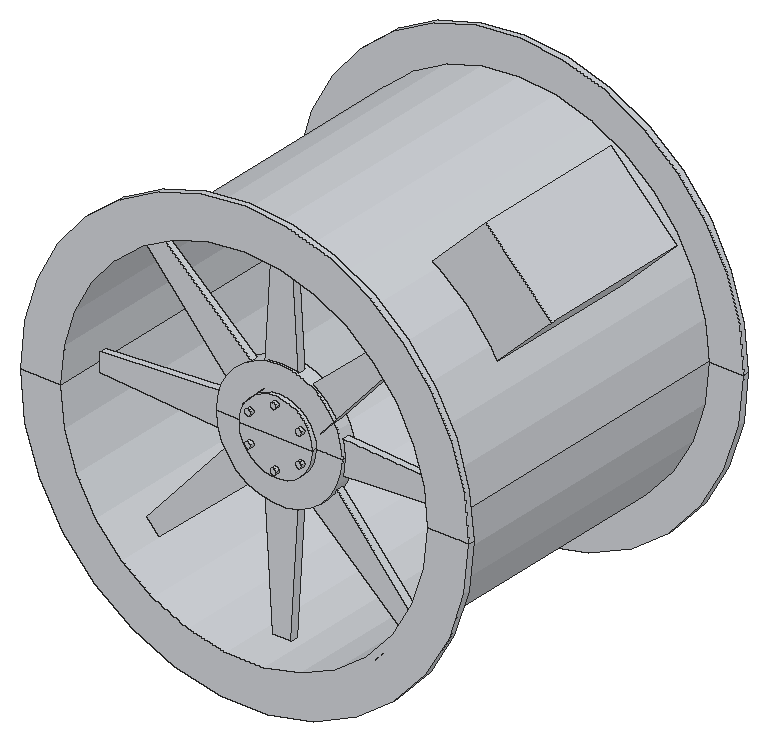
Revit family "CADS_Vent-Axia_MechEquip_Fan_LCA_315_1Ph2P - SUPPLY", category Mechanical Equipment, Revit 2020
Family settings
  Round Connector Dimension = Use Diameter
  Part Type = Normal
  OmniClass Number = 23.75.00.00
  OmniClass Title = Climate Control (HVAC)
  Work Plane-Based = No
  Always vertical = Yes
  Cut with Voids When Loaded = No
  Shared = No
  Room Calculation Point = No
Parameters (values of type "LCA311210")
  nr = NominalDiameter / 2  # 157.5 mm
  WorkingPressure = 0.0 Pa
  WarrantyStartDate [instance] = "1900-12-31T23:59:59"
  WarrantyPeriod = ""
  WarrantyIdentifier = "N/A"
  WarrantyGuarantorParts = "tech@vent-axia.com"
  WarrantyGuarantorLabor = "tech@vent-axia.com"
  WarrantyGuarantor = "Vent-Axia Limited"
  WarrantyEndDate [instance] = "1900-12-31T23:59:59"
  WarrantyContent = ""
  TemperatureRange = ""
  TagNumber [instance] = "N/A"
  SustainabilityPerformance = ""
  Status = "New"
  Size = ""
  Shape = ""
  ServiceLifeType = ""
  ServiceLifeDuration = ""
  SerialNumber [instance] = "N/A"
  ReplacementCost = ""
  RatedVoltage = 0 V
  RatedCurrent = 0 A
  Quantity = 1
  ProductionYear = ""
  PressureCurve = ""
  PowerFactor = ""
  PointOfContact = ""
  NumberOfPoles = 0
  NominalWidth = 315 mm
  NominalLength = 300 mm
  NominalHeight = 315 mm
  NominalFrequencyRange = ""
  NominalDiameter = 315 mm
  ModelReference = "LCAX 315mm 1PH 2P 10DEG"
  ModelNumber = "LCA311210"
  Material = ""
  ManufacturerE-Mail = "tech@vent-axia.com"
  ManufacturerAddress = "Fleming Way\nCrawley \nRH10 9YX"
  IsExtendedWarranty = no
  InsulationStandardClass = ""
  InstallationDate [instance] = "1900-12-31T23:59:59"
  IfcExportType [instance] = ""
  IfcExportAs = "IfcFanType"
  IP_Code = ""
  HasProtectiveEarth = no
  GrossWeight = 0.00 kg
  Grade = ""
  GlobalTradeItemNumber [instance] = "N/A"
  Fitting Type = "Ignore"
  Finish = ""
  Features = ""
  ExteriorInsulation = no
  ExpectedServiceLife = 0
  Exclusions = ""
  DurationUnit = "Year"
  Default Elevation = 0 mm
  Constituents = ""
  ConductorFunction = ""
  Color = ""
  CodePerformance = ""
  Category = ""
  CADS_Usage = 0
  CADS_Index = 0
  AssetType = "FIXED"
  AssetIdentifier [instance] = "N/A"
  AssemblyPlace = "UNKNOWN"
  ArticleNumber [instance] = "N/A"
  AirflowRateRange = 0.0 L/s
  Air Flow [instance] = 0.0 L/s
  AccessibilityPerformance = ""
Types (16, lengths in mm): name | ModelReference | ModelNumber
  LCA311210 | "LCAX 315mm 1PH 2P 10DEG" | "LCA311210"
  LCA311212 | "LCAX 315mm 1PH 2P 12DEG" | "LCA311212"
  LCA311214 | "LCAX 315mm 1PH 2P 14DEG" | "LCA311214"
  LCA311216 | "LCAX 315mm 1PH 2P 16DEG" | "LCA311216"
  LCA311218 | "LCAX 315mm 1PH 2P 18DEG" | "LCA311218"
  LCA311220 | "LCAX 315mm 1PH 2P 20DEG" | "LCA311220"
  LCA311222 | "LCAX 315mm 1PH 2P 22DEG" | "LCA311222"
  LCA311224 | "LCAX 315mm 1PH 2P 24DEG" | "LCA311224"
  LCA311226 | "LCAX 315mm 1PH 2P 26DEG" | "LCA311226"
  LCA311228 | "LCAX 315mm 1PH 2P 28DEG" | "LCA311228"
  LCA311230 | "LCAX 315mm 1PH 2P 30DEG" | "LCA311230"
  LCA311232 | "LCAX 315mm 1PH 2P 32DEG" | "LCA311232"
  LCA311234 | "LCAX 315mm 1PH 2P 34DEG" | "LCA311234"
  LCA311236 | "LCAX 315mm 1PH 2P 36DEG" | "LCA311236"
  LCA311238 | "LCAX 315mm 1PH 2P 38DEG" | "LCA311238"
  LCA311240 | "LCAX 315mm 1PH 2P 40DEG" | "LCA311240"
Reference planes
  plane 1 "Center (Front/Back)": y = 0
  plane 2: z = 0
  plane 3 "Center (Left/Right)": x = 0
  plane 4: x = -157.5
  plane 5: x = 157.5
  plane 6 "F": y = -150
  plane 7 "B": y = 150
  plane 8: x = -192.5
  plane 9: y = 145
  plane 10: y = -145
  plane 11: x = -162.5
  plane 12: y = -110
  plane 13 "top": z = 157.5
  plane 14: z = -157.5
  plane 15 "45deg": through (0, -1524, 0) normal (-0.7071, 0, -0.7071)
  plane 16 "C": through (0, -1524, 0) normal (-0.7071, 0, 0.7071)
Forms (mm)
  Revolve 1, solid
    sketch origin (0, 0, 0) x (1, 0, 0) y (0, 1, 0)
      loop
        line (-192.5, -150) -> (-157.5, -150) -> (-157.5, 150) -> (-192.5, 150) -> (-192.5, 145) -> (-162.5, 145) -> (-162.5, -145) -> (-192.5, -145) -> (-192.5, -150)
      axis (0, 150) -> (0, -150)
    angle from 0 to 360
  Sweep 2, solid
    path origin (0, 0, 0) x (1, 0, 0) y (0, 0, 1)
      loop
        line (111.369, 111.369) -> (157.331, 157.331)
    profile origin (134.35, 0, 134.35) x (-0.707107, 0, 0.707107) y (0, -1, 0)
      loop
        line (37.5, 55) -> (-42.73, 55) -> (-42.73, -79.5) -> (37.5, -79.5) -> (37.5, 55)
Dimensions and locks
  equal spacing: plane 4, plane 3 "Center (Left/Right)", plane 5
  equal spacing: plane 7 "B", plane 1 "Center (Front/Back)", plane 6 "F"
  "NominalLength": plane 7 "B" to plane 6 "F"
  "NominalDiameter": plane 4 to plane 5
  locked: plane 11 to plane 4 at 5
  locked: plane 8 to plane 11 at 30
  locked: plane 6 "F" to plane 10 at 5
  locked: plane 7 "B" to plane 9 at 5
  locked: plane 6 "F" to plane 12 at 40
  equal spacing: plane 13 "top", level, plane 14
  "NominalDiameter": plane 13 "top" to plane 14
  "nr": Sweep 2 sketch curve to nested 13
  Sweep 2 sketch curve to Sweep 2 sketch curve = 65 mm
  aligned and locked: level to plane 2
  aligned and locked: nested 1 to plane 12
Automatic sketch dimensions
  plane 6 "F" to Revolve 1 sketch curve = 0 mm
  Revolve 1 sketch curve to plane 8 = 0 mm  (x2)
  plane 10 to Revolve 1 sketch curve = 0 mm
  Revolve 1 sketch curve to plane 11 = 0 mm
  Revolve 1 sketch curve to plane 4 = 0 mm
  Revolve 1 sketch curve to plane 3 "Center (Left/Right)" = 0 mm
  plane 1 "Center (Front/Back)" to Revolve 1 sketch curve = 0 mm
  Revolve 1 sketch curve to plane 9 = 0 mm
  Revolve 1 sketch curve to plane 7 "B" = 0 mm
  plane 6 "F" to Revolve 1 sketch curve = 115 mm
  plane 1 "Center (Front/Back)" to Sweep 2 sketch curve = 55 mm
  Sweep 2 sketch curve to profile plane = 37.5 mm
  Sweep 2 sketch curve to Sweep 2 sketch curve = 80.23 mm
  Sweep 2 sketch curve to Sweep 2 sketch curve = 134.5 mm
  Sweep 2 sketch curve to plane 16 "C" = 0 mm  (x2)
Nested families
  nested 1: "Fan for ESC" at (0, -110, 0), ND <- "NominalDiameter", type "Fan for ESC"
    with hub 31.5 mm, ND 315 mm, BoltPCD 25.2 mm, Bolt Count 6, B_Diam 5 mm
  nested 2: "Bolts" at (21.824, -119.172, -12.6) x (-0.5, 0, -0.866) z (0, 1, 0), type "Bolts"
    with bd 5 mm
  nested 3: "Bolts" at (0, -119.172, -25.2) x (-1, 0, 0) z (0, 1, 0), type "Bolts"
    with bd 5 mm
  nested 4: "Bolts" at (-21.824, -119.172, -12.6) x (-0.5, 0, 0.866) z (0, 1, 0), type "Bolts"
    with bd 5 mm
  nested 5: "Bolts" at (-21.824, -119.172, 12.6) x (0.5, 0, 0.866) z (0, 1, 0), type "Bolts"
    with bd 5 mm
  nested 6: "Bolts" at (21.824, -119.172, 12.6) x (0.5, 0, -0.866) z (0, 1, 0), type "Bolts"
    with bd 5 mm
  nested 7: "Bolts" at (0, -119.172, 25.2) x (1, 0, 0) z (0, 1, 0), type "Bolts"
    with bd 5 mm
  nested 8: "ESC Blade" at (0, -110, 0), type "ESC Blade"
    with a 20.00°, HR 31.5 mm, HD 63 mm, BT 15.75 mm, BR 126 mm, BH 40 mm, BD 315 mm, BB 31.5 mm
  nested 9: "ESC Blade" at (0, -110, 0) x (0.7071, 0, -0.7071) z (0.7071, 0, 0.7071), type "ESC Blade"
    with a 20.00°, HR 31.5 mm, HD 63 mm, BT 15.75 mm, BR 126 mm, BH 40 mm, BD 315 mm, BB 31.5 mm
  nested 10: "ESC Blade" at (0, -110, 0) x (0, 0, -1) z (1, 0, 0), type "ESC Blade"
    with a 20.00°, HR 31.5 mm, HD 63 mm, BT 15.75 mm, BR 126 mm, BH 40 mm, BD 315 mm, BB 31.5 mm
  nested 11: "ESC Blade" at (0, -110, 0) x (-0.7071, 0, -0.7071) z (0.7071, 0, -0.7071), type "ESC Blade"
    with a 20.00°, HR 31.5 mm, HD 63 mm, BT 15.75 mm, BR 126 mm, BH 40 mm, BD 315 mm, BB 31.5 mm
  nested 12: "ESC Blade" at (0, -110, 0) x (-1, 0, 0) z (0, 0, -1), type "ESC Blade"
    with a 20.00°, HR 31.5 mm, HD 63 mm, BT 15.75 mm, BR 126 mm, BH 40 mm, BD 315 mm, BB 31.5 mm
  nested 13: "ESC Blade" at (0, -110, 0) x (-0.7071, 0, -0.7071) z (-0.7071, 0, 0.7071), type "ESC Blade"
    with a 20.00°, HR 31.5 mm, HD 63 mm, BT 15.75 mm, BR 126 mm, BH 40 mm, BD 315 mm, BB 31.5 mm
  nested 14: "ESC Blade" at (0, -110, 0) x (0, 0, -1) z (-1, 0, 0), type "ESC Blade"
    with a 20.00°, HR 31.5 mm, HD 63 mm, BT 15.75 mm, BR 126 mm, BH 40 mm, BD 315 mm, BB 31.5 mm
  nested 15: "ESC Blade" at (0, -110, 0) x (0.7071, 0, -0.7071) z (-0.7071, 0, -0.7071), type "ESC Blade"
    with a 20.00°, HR 31.5 mm, HD 63 mm, BT 15.75 mm, BR 126 mm, BH 40 mm, BD 315 mm, BB 31.5 mm
Connectors
  hvac at (0, -150, 0), driven by "NominalDiameter", driven by "Air Flow"
    settings: on Revolve 1, index 1, duct flow 0.0 L/s, flow factor 0, pres drop 0.0 Pa, loss coef 0, conn angle 0.00°, conn width 304.8 mm, conn height 304.8 mm, conn diameter 315 mm, duct sys type 1, conn prof type 0, flow config 1, flow direction 1, loss method 0, conn ref index -1, conn util no, is conn primary yes, conn desc ""
  hvac at (0, 150, 0), driven by "NominalDiameter", driven by "Air Flow"
    settings: on Revolve 1, index 2, duct flow 0.0 L/s, flow factor 0, pres drop 0.0 Pa, loss coef 0, conn angle 0.00°, conn width 304.8 mm, conn height 304.8 mm, conn diameter 315 mm, duct sys type 1, conn prof type 0, flow config 0, flow direction 2, loss method 0, conn ref index -1, conn util no, is conn primary no, conn desc ""
Definition of nested family "Fan for ESC"
  Parameters (values of type "Fan for ESC")
    hub [instance] = ND / 10  # 56.7 mm
    ND [instance] = 567 mm
    Model = "."
    Default Elevation = 0 mm
    BoltPCD [instance] = hub - (hub * 0.2)  # 45.36 mm
    Bolt Count [instance] = if(hub < 50 mm, 6, 8)  # 8
    B_Diam [instance] = if(hub < 50 mm, 5 mm, 10 mm)  # 10 mm
  Reference planes
    plane 1 "Center (Front/Back)": y = 0
    plane 2: z = 0
    plane 3 "Center (Left/Right)": x = 0
    plane 4 "back": y = 20
    plane 5 "bolts": y = -9.172
    plane 6 "B": z = 56.7
    plane 7: x = -79.287
    plane 8: x = -56.7
    plane 9 "hubface": y = -6.172
  Forms (mm)
    Revolve 1, solid
      sketch origin (0, 0, 0) x (1, 0, 0) y (0, 1, 0)
        loop
          line (0, 20) -> (-56.7, 20) -> (-56.7, 10.504) -> (-79.287, 10.504) -> (-79.287, -2.597) -> (-56.7, -2.597) -> (-56.7, -6.172) -> (0, -6.172) -> (0, 20)
        axis (0, 20) -> (0, -6.172)
      angle from 0 to 360
    Extrusion 2, solid, not visible
      sketch origin (0, -6.347, -4) x (-1, 0, 0) y (0, 0, 1)
        loop
          circle (0, 84) r 5
      from 0 to 3
  Lines and regions (mm)
    symbolic lines
      curve 1: circle (0, -9.172, 0) r 45.36 normal (0, 1, 0)
    model lines, not visible
      curve 2: line (0, -6.347, 85) -> (0, -6.347, 75)
  Dimensions and locks
    "hub": plane 6 "B" to plane 2
    "hub": nested 3 to plane 3 "Center (Left/Right)"
    "hub": nested 4 to plane 3 "Center (Left/Right)"
    "hub": nested 5 to plane 3 "Center (Left/Right)"
    "hub": plane 3 "Center (Left/Right)" to nested 6
    "hub": Revolve 1 sketch curve to Revolve 1 sketch curve
    "hub": plane 3 "Center (Left/Right)" to nested 7
    "hub": plane 3 "Center (Left/Right)" to nested 8
    "hub": plane 3 "Center (Left/Right)" to nested 9
    "hub": plane 8 to plane 3 "Center (Left/Right)"
    plane 7 to plane 8 = 22.587 mm
    diameter of Extrusion 2 sketch curve = 10 mm
    "BoltPCD": radius of curve 1
    "BoltPCD": radius of radial array
    aligned and locked: level to plane 2
    aligned and locked: plane 6 "B" to nested 1
  Automatic sketch dimensions
    Revolve 1 sketch curve to plane 7 = 0 mm
    Revolve 1 sketch curve to plane 8 = 0 mm  (x2)
    Revolve 1 sketch curve to plane 3 "Center (Left/Right)" = 0 mm
    Revolve 1 sketch curve to plane 9 "hubface" = 0 mm
    plane 4 "back" to Revolve 1 sketch curve = 0 mm
    plane 1 "Center (Front/Back)" to Revolve 1 sketch curve = 2.597 mm
    plane 4 "back" to Revolve 1 sketch curve = 9.496 mm
    Revolve 1 sketch curve to Revolve 1 sketch curve = 5 mm
    Revolve 1 sketch curve to plane 4 "back" = 45 mm
    curve 1 to level = 0 mm
    curve 1 to plane 3 "Center (Left/Right)" = 0 mm
  Nested families
    nested 1: "ESC Blade" at (0, 0, 0), BD <- "ND", HD <- "hub", type "ESC Blade"
      with a 20.00°, HR 56.7 mm, HD 113.4 mm, BT 28.35 mm, BR 226.8 mm, BH 40 mm, BD 567 mm, BB 56.7 mm
    nested 2: "ESC Blade" at (0, 0, 755), BD <- "ND", HD <- "hub", type "ESC Blade", not visible
      with a 20.00°, HR 56.7 mm, HD 113.4 mm, BT 28.35 mm, BR 226.8 mm, BH 40 mm, BD 567 mm, BB 56.7 mm
    nested 3: "ESC Blade" at (0, 0, 0) x (0.7071, 0, -0.7071) z (0.7071, 0, 0.7071), BD <- "ND", HD <- "hub", type "ESC Blade"
      with a 20.00°, HR 56.7 mm, HD 113.4 mm, BT 28.35 mm, BR 226.8 mm, BH 40 mm, BD 567 mm, BB 56.7 mm
    nested 4: "ESC Blade" at (0, 0, 0) x (0, 0, -1) z (1, 0, 0), BD <- "ND", HD <- "hub", type "ESC Blade"
      with a 20.00°, HR 56.7 mm, HD 113.4 mm, BT 28.35 mm, BR 226.8 mm, BH 40 mm, BD 567 mm, BB 56.7 mm
    nested 5: "ESC Blade" at (0, 0, 0) x (-0.7071, 0, -0.7071) z (0.7071, 0, -0.7071), BD <- "ND", HD <- "hub", type "ESC Blade"
      with a 20.00°, HR 56.7 mm, HD 113.4 mm, BT 28.35 mm, BR 226.8 mm, BH 40 mm, BD 567 mm, BB 56.7 mm
    nested 6: "ESC Blade" at (0, 0, 0) x (-1, 0, 0) z (0, 0, -1), BD <- "ND", HD <- "hub", type "ESC Blade"
      with a 20.00°, HR 56.7 mm, HD 113.4 mm, BT 28.35 mm, BR 226.8 mm, BH 40 mm, BD 567 mm, BB 56.7 mm
    nested 7: "ESC Blade" at (0, 0, 0) x (-0.7071, 0, -0.7071) z (-0.7071, 0, 0.7071), BD <- "ND", HD <- "hub", type "ESC Blade"
      with a 20.00°, HR 56.7 mm, HD 113.4 mm, BT 28.35 mm, BR 226.8 mm, BH 40 mm, BD 567 mm, BB 56.7 mm
    nested 8: "ESC Blade" at (0, 0, 0) x (0, 0, -1) z (-1, 0, 0), BD <- "ND", HD <- "hub", type "ESC Blade"
      with a 20.00°, HR 56.7 mm, HD 113.4 mm, BT 28.35 mm, BR 226.8 mm, BH 40 mm, BD 567 mm, BB 56.7 mm
    nested 9: "ESC Blade" at (0, 0, 0) x (0.7071, 0, -0.7071) z (-0.7071, 0, -0.7071), BD <- "ND", HD <- "hub", type "ESC Blade"
      with a 20.00°, HR 56.7 mm, HD 113.4 mm, BT 28.35 mm, BR 226.8 mm, BH 40 mm, BD 567 mm, BB 56.7 mm
    nested 10: "Bolts" at (0, -9.172, 45.36) x (1, 0, 0) z (0, 1, 0), bd <- "B_Diam", type "Bolts"
      with bd 10 mm
    nested 11: "Bolts" at (32.074, -9.172, 32.074) x (0.7071, 0, -0.7071) z (0, 1, 0), bd <- "B_Diam", type "Bolts"
      with bd 10 mm
    nested 12: "Bolts" at (-32.074, -9.172, 32.074) x (0.7071, 0, 0.7071) z (0, 1, 0), bd <- "B_Diam", type "Bolts"
      with bd 10 mm
    nested 13: "Bolts" at (-45.36, -9.172, 0) x (0, 0, 1) z (0, 1, 0), bd <- "B_Diam", type "Bolts"
      with bd 10 mm
    nested 14: "Bolts" at (-32.074, -9.172, -32.074) x (-0.7071, 0, 0.7071) z (0, 1, 0), bd <- "B_Diam", type "Bolts"
      with bd 10 mm
    nested 15: "Bolts" at (0, -9.172, -45.36) x (-1, 0, 0) z (0, 1, 0), bd <- "B_Diam", type "Bolts"
      with bd 10 mm
    nested 16: "Bolts" at (32.074, -9.172, -32.074) x (-0.7071, 0, -0.7071) z (0, 1, 0), bd <- "B_Diam", type "Bolts"
      with bd 10 mm
    nested 17: "Bolts" at (45.36, -9.172, 0) x (0, 0, -1) z (0, 1, 0), bd <- "B_Diam", type "Bolts"
      with bd 10 mm
  Definition of nested family "ESC Blade"
    Parameters (values of type "ESC Blade")
      a [instance] = 20.00°
      HR [instance] = HD / 2  # 30 mm
      HD [instance] = BD / 5  # 60 mm
      Default Elevation = 1219.2 mm
      BT [instance] = BD / 20  # 15 mm
      BR [instance] = (BD / 2) - HR  # 120 mm
      BH [instance] = 40 mm
      BD [instance] = 300 mm
      BB [instance] = BD / 10  # 30 mm
    Reference planes
      plane 1 "Center (Front/Back)": y = 0
      plane 2: z = 0
      plane 3 "Center (Left/Right)": x = 0
      plane 4 "Blade Bot": z = 30
      plane 5: x = -15
      plane 6: x = 15
      plane 7: x = -7.5
      plane 8: x = 7.5
    Forms (mm)
      Blend 1, solid
        base sketch origin (0, 0, 30) x (-1, 0, 0) y (0, -1, 0)
          loop
            line (15, 0) -> (-15, 0) -> (-15, -6) -> (15, -6) -> (15, 0)
        top sketch origin (0, 0, 30) x (-1, 0, 0) y (0, -1, 0)
          loop
            line (7.5, -6) -> (7.5, 0) -> (-7.5, 0) -> (-7.5, -6) -> (7.5, -6)
        from 0 to 120 <- "BR"
    Dimensions and locks
      "HR": plane 4 "Blade Bot" to level
      equal spacing: plane 8, plane 3 "Center (Left/Right)", plane 7
      "BT": plane 8 to plane 7
      equal spacing: plane 6, plane 3 "Center (Left/Right)", plane 5
      "BB": plane 6 to plane 5
      aligned and locked: level to plane 2
    Automatic sketch dimensions
      plane 1 "Center (Front/Back)" to Blend 1 sketch curve = 0 mm  (x2)
      Blend 1 sketch curve to plane 6 = 0 mm
      Blend 1 sketch curve to plane 5 = 0 mm
      Blend 1 sketch curve to plane 1 "Center (Front/Back)" = 6 mm  (x2)
      Blend 1 sketch curve to plane 8 = 0 mm
      Blend 1 sketch curve to plane 7 = 0 mm
  Definition of nested family "Bolts"
    Parameters
      bd [instance] = 10 mm
      Default Elevation = 1219.2 mm
    Reference planes
      plane 1 "Center (Front/Back)": y = 0
      plane 2: z = 0
      plane 3 "Center (Left/Right)": x = 0
    Forms (mm)
      Extrusion 1, solid
        sketch origin (0, 0, 0) x (1, 0, 0) y (0, 1, 0)
          loop
            line (-1219.2, 1219.2) -> (-1219.2, -1219.2) -> (1219.2, -1219.2) -> (1219.2, 1219.2) -> (-1219.2, 1219.2)
        from 0 to -304.8
      Extrusion 2, solid
        sketch origin (0, 0, 0) x (1, 0, 0) y (0, 1, 0)
          loop
            circle (0, 0) r 5
        from 0 to 3
    Dimensions and locks
      "bd": diameter of Extrusion 2 sketch curve
      aligned and locked: plane 2 to Extrusion 1
      aligned and locked: level to Extrusion 1
    Automatic sketch dimensions
      Extrusion 1 sketch curve to Extrusion 1 sketch curve = 2438.4 mm  (x2)
      plane 1 "Center (Front/Back)" to Extrusion 2 sketch curve = 0 mm
      Extrusion 2 sketch curve to plane 3 "Center (Left/Right)" = 0 mm
Definition of nested family "Bolts"
  Parameters
    bd [instance] = 10 mm
    Default Elevation = 1219.2 mm
  Reference planes
    plane 1 "Center (Front/Back)": y = 0
    plane 2: z = 0
    plane 3 "Center (Left/Right)": x = 0
  Forms (mm)
    Extrusion 1, solid
      sketch origin (0, 0, 0) x (1, 0, 0) y (0, 1, 0)
        loop
          line (-1219.2, 1219.2) -> (-1219.2, -1219.2) -> (1219.2, -1219.2) -> (1219.2, 1219.2) -> (-1219.2, 1219.2)
      from 0 to -304.8
    Extrusion 2, solid
      sketch origin (0, 0, 0) x (1, 0, 0) y (0, 1, 0)
        loop
          circle (0, 0) r 5
      from 0 to 3
  Dimensions and locks
    "bd": diameter of Extrusion 2 sketch curve
    aligned and locked: plane 2 to Extrusion 1
    aligned and locked: level to Extrusion 1
  Automatic sketch dimensions
    Extrusion 1 sketch curve to Extrusion 1 sketch curve = 2438.4 mm  (x2)
    plane 1 "Center (Front/Back)" to Extrusion 2 sketch curve = 0 mm
    Extrusion 2 sketch curve to plane 3 "Center (Left/Right)" = 0 mm
Definition of nested family "ESC Blade"
  Parameters (values of type "ESC Blade")
    a [instance] = 20.00°
    HR [instance] = HD / 2  # 30 mm
    HD [instance] = BD / 5  # 60 mm
    Default Elevation = 1219.2 mm
    BT [instance] = BD / 20  # 15 mm
    BR [instance] = (BD / 2) - HR  # 120 mm
    BH [instance] = 40 mm
    BD [instance] = 300 mm
    BB [instance] = BD / 10  # 30 mm
  Reference planes
    plane 1 "Center (Front/Back)": y = 0
    plane 2: z = 0
    plane 3 "Center (Left/Right)": x = 0
    plane 4 "Blade Bot": z = 30
    plane 5: x = -15
    plane 6: x = 15
    plane 7: x = -7.5
    plane 8: x = 7.5
  Forms (mm)
    Blend 1, solid
      base sketch origin (0, 0, 30) x (-1, 0, 0) y (0, -1, 0)
        loop
          line (15, 0) -> (-15, 0) -> (-15, -6) -> (15, -6) -> (15, 0)
      top sketch origin (0, 0, 30) x (-1, 0, 0) y (0, -1, 0)
        loop
          line (7.5, -6) -> (7.5, 0) -> (-7.5, 0) -> (-7.5, -6) -> (7.5, -6)
      from 0 to 120 <- "BR"
  Dimensions and locks
    "HR": plane 4 "Blade Bot" to level
    equal spacing: plane 8, plane 3 "Center (Left/Right)", plane 7
    "BT": plane 8 to plane 7
    equal spacing: plane 6, plane 3 "Center (Left/Right)", plane 5
    "BB": plane 6 to plane 5
    aligned and locked: level to plane 2
  Automatic sketch dimensions
    plane 1 "Center (Front/Back)" to Blend 1 sketch curve = 0 mm  (x2)
    Blend 1 sketch curve to plane 6 = 0 mm
    Blend 1 sketch curve to plane 5 = 0 mm
    Blend 1 sketch curve to plane 1 "Center (Front/Back)" = 6 mm  (x2)
    Blend 1 sketch curve to plane 8 = 0 mm
    Blend 1 sketch curve to plane 7 = 0 mm
